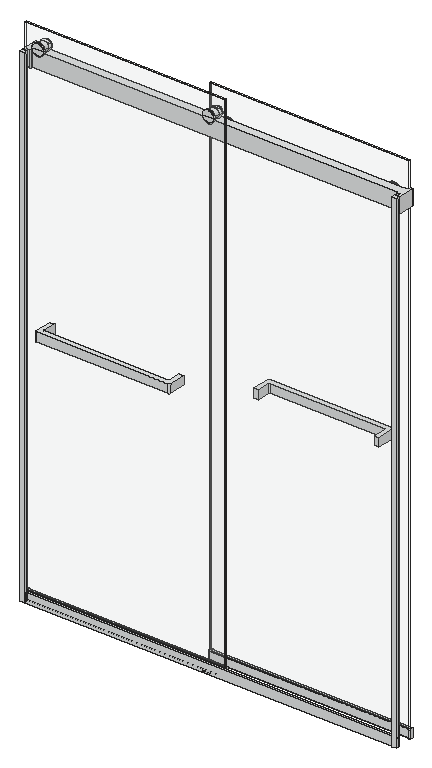
Revit family "Shower-Shower_Door-KOHLER-Levity-K-706019", category Specialty Equipment, host Face, Revit 2015 (continued)
Definition of nested family "K-706019"
  Automatic sketch dimensions
    Extrusion 23 sketch curve to Extrusion 23 sketch curve = 0.00054"
    Extrusion 23 sketch curve to Extrusion 23 sketch curve = 0.02031"
    plane 4 to Extrusion 23 sketch curve = 0.01989"
    plane 7 to Extrusion 23 sketch curve = 0.75993"
    Extrusion 23 sketch curve to Extrusion 23 sketch curve = 0.02164"
    Extrusion 23 sketch curve to Extrusion 23 sketch curve = 0.0217"
    plane 4 to Extrusion 23 sketch curve = 0.0202"
    plane 7 to Extrusion 23 sketch curve = 0.01997"
    Extrusion 23 sketch curve to Extrusion 23 sketch curve = 0.00005"
    Extrusion 23 sketch curve to Extrusion 23 sketch curve = 0.49988"
    Extrusion 23 sketch curve to Extrusion 23 sketch curve = 0.50202"
    Extrusion 23 sketch curve to Extrusion 23 sketch curve = 0.50547"
    Extrusion 24 sketch curve to Extrusion 24 sketch curve = 0.709"  (x2)
    plane 4 to Extrusion 24 sketch curve = 2.97636"  (x2)
    Extrusion 24 sketch curve to Extrusion 24 sketch curve = 2.2502"
    Extrusion 24 sketch curve to Extrusion 24 sketch curve = 0.82721"
    Extrusion 25 sketch curve to plane 4 = 0"
    plane 5 to Extrusion 25 sketch curve = 0.13991"
    plane 6 to Extrusion 25 sketch curve = 4.58533"
    plane 4 to Extrusion 25 sketch curve = 3/16"
    Extrusion 25 sketch curve to Extrusion 25 sketch curve = 0.709"  (x2)
    plane 1 "Center (Front/Back)" to Extrusion 25 sketch curve = 0.42318"
    Extrusion 25 sketch curve to plane 3 "Center (Left/Right)" = 4.95634"
    curve 108 to level = 0"
    curve 110 to plane 3 "Center (Left/Right)" = 0"
    curve 106 to level = 0"
    curve 122 to plane 3 "Center (Left/Right)" = 0.66201"
    curve 113 to plane 3 "Center (Left/Right)" = 4.27315"
    plane 6 to curve 113 = 4.59616"
    plane 6 to curve 123 = 2.52413"
    plane 6 to curve 108 = 0.73917"
    curve 111 to curve 109 = 0.14583"
    curve 111 to curve 143 = 0.09084"
    curve 143 to curve 112 = 0.20461"
    level to curve 143 = 0.60084"
    level to curve 111 = 21/32"
    curve 143 to curve 112 = 0.80154"
    curve 103 to curve 114 = 38.16721"
    curve 114 to curve 131 = 0.03817"
    curve 114 to curve 124 = 1.33683"
    curve 127 to curve 126 = 1.33683"
    curve 126 to curve 106 = 37"
    curve 113 to curve 103 = 37.03817"
    curve 105 to curve 122 = 3/4"
    curve 102 to curve 123 = 3/4"
    plane 6 to curve 102 = 0.2691"
    curve 143 to curve 109 = 0.08896"
    curve 127 to curve 128 = 5/8"
    curve 130 to curve 126 = 0.709"
    curve 105 to curve 105 = 0.20403"
    curve 105 to curve 145 = 0.05899"
    curve 144 to curve 105 = 2 1/2"
    curve 144 to curve 145 = 2 1/2"
    curve 145 to curve 109 = 4"
    plane 3 "Center (Left/Right)" to curve 111 = 1 3/4"
    plane 6 to Extrusion 26 sketch curve = 2.52413"
    Extrusion 26 sketch curve to plane 3 "Center (Left/Right)" = 0.66201"
    level to Extrusion 26 sketch curve = 78 3/4"
    Extrusion 26 sketch curve to Extrusion 26 sketch curve = 0"
    plane 3 "Center (Left/Right)" to Extrusion 27 sketch curve = 0.03819"
    plane 7 to Extrusion 27 sketch curve = 3.12941"
    level to Extrusion 27 sketch curve = 76.86704"
    Extrusion 27 sketch curve to Extrusion 27 sketch curve = 0"
    Masking region 3 sketch curve to plane 6 = 0"  (x2)
    Masking region 3 sketch curve to plane 4 = 0"  (x3)
    plane 5 to Masking region 3 sketch curve = 0"
    Masking region 3 sketch curve to plane 9 = 0"  (x6)
    Masking region 3 sketch curve to plane 7 = 0"  (x2)
    plane 6 to Masking region 3 sketch curve = 0.01985"
    plane 6 to Masking region 3 sketch curve = 0.02689"
    plane 6 to Masking region 3 sketch curve = 0.02841"
    plane 6 to Masking region 3 sketch curve = 0.02947"
    Masking region 3 sketch curve to plane 9 = 0.07028"
    Masking region 3 sketch curve to Masking region 3 sketch curve = 0.26152"
    Masking region 3 sketch curve to Masking region 3 sketch curve = 0.02907"
    Masking region 3 sketch curve to Masking region 3 sketch curve = 0.02971"
    Masking region 3 sketch curve to Masking region 3 sketch curve = 0.56068"
    Masking region 3 sketch curve to Masking region 3 sketch curve = 0.03021"
    Masking region 3 sketch curve to Masking region 3 sketch curve = 3.66657"
    Masking region 3 sketch curve to plane 5 = 1/4"  (x2)
    plane 1 "Center (Front/Back)" to Masking region 3 sketch curve = 0.12631"
    Masking region 3 sketch curve to Masking region 3 sketch curve = 0.43817"
    Masking region 3 sketch curve to Masking region 3 sketch curve = 11/64"  (x2)
    Masking region 3 sketch curve to plane 3 "Center (Left/Right)" = 5.12877"
    plane 1 "Center (Front/Back)" to Masking region 3 sketch curve = 0.12574"
    Masking region 3 sketch curve to Masking region 3 sketch curve = 0.65227"
    Masking region 3 sketch curve to plane 9 = 0.02145"
    Masking region 3 sketch curve to plane 3 "Center (Left/Right)" = 2.41167"
    Masking region 3 sketch curve to Masking region 3 sketch curve = 0.02322"
    Masking region 3 sketch curve to Masking region 3 sketch curve = 0.90952"
    plane 9 to Masking region 3 sketch curve = 0.16753"
    Masking region 3 sketch curve to Masking region 3 sketch curve = 0.57965"
    Masking region 3 sketch curve to Masking region 3 sketch curve = 0.04031"  (x4)
    Masking region 3 sketch curve to Masking region 3 sketch curve = 0.04116"  (x2)
    plane 3 "Center (Left/Right)" to Masking region 3 sketch curve = 0.93449"
    plane 9 to Masking region 3 sketch curve = 0.20784"
    Masking region 3 sketch curve to Masking region 3 sketch curve = 0.00084"
    plane 9 to Masking region 3 sketch curve = 0.04116"  (x2)
    Masking region 3 sketch curve to Masking region 3 sketch curve = 1/4"
    Masking region 3 sketch curve to Masking region 3 sketch curve = 0.459"
    plane 9 to Masking region 3 sketch curve = 1 117/128"
    plane 7 to Masking region 3 sketch curve = 5.98494"
    Masking region 3 sketch curve to Masking region 3 sketch curve = 0.17244"
    Masking region 3 sketch curve to Masking region 3 sketch curve = 0.61061"
    Masking region 3 sketch curve to Masking region 3 sketch curve = 0.68817"
    plane 9 to Masking region 3 sketch curve = 0.16363"
    Masking region 3 sketch curve to Masking region 3 sketch curve = 1.05745"
    Masking region 3 sketch curve to Masking region 3 sketch curve = 0.03725"  (x2)
    plane 9 to Masking region 3 sketch curve = 0.20394"
    Masking region 3 sketch curve to Masking region 3 sketch curve = 1.7943"
    Masking region 3 sketch curve to Masking region 3 sketch curve = 0.00306"
    Masking region 3 sketch curve to plane 9 = 0.02231"
    plane 7 to Masking region 3 sketch curve = 0.34131"
    Masking region 3 sketch curve to Masking region 3 sketch curve = 0.03103"
    plane 7 to Masking region 3 sketch curve = 0.03057"
    plane 7 to Masking region 3 sketch curve = 0.02948"
    plane 7 to Masking region 3 sketch curve = 0.02161"
    plane 4 to Masking region 3 sketch curve = 0.01985"
    Masking region 3 sketch curve to Masking region 3 sketch curve = 0.49843"
    Masking region 3 sketch curve to Masking region 3 sketch curve = 0.50436"
    Masking region 3 sketch curve to Masking region 3 sketch curve = 0.05623"
    Masking region 3 sketch curve to Masking region 3 sketch curve = 0.0514"
    Masking region 3 sketch curve to plane 9 = 0.55996"
    Masking region 3 sketch curve to Masking region 3 sketch curve = 0.15475"
    Masking region 3 sketch curve to Masking region 3 sketch curve = 0.18496"
    Masking region 3 sketch curve to plane 9 = 0.03103"
    plane 9 to Masking region 3 sketch curve = 0.03725"  (x2)
    Masking region 3 sketch curve to Masking region 3 sketch curve = 75/128"
    Masking region 3 sketch curve to Masking region 3 sketch curve = 0.00041"
    curve 160 to plane 4 = 0"
    curve 164 to plane 4 = 0"
    curve 7 to plane 9 = 0"
    curve 163 to plane 9 = 0"
    curve 19 to plane 9 = 0"
    curve 8 to plane 9 = 0"
    curve 161 to plane 4 = 0"
    plane 4 to curve 32 = 0.62031"
    plane 3 "Center (Left/Right)" to curve 32 = 1 7/8"
    curve 34 to curve 32 = 0.02227"
    curve 22 to curve 32 = 0.02232"
    plane 3 "Center (Left/Right)" to curve 68 = 0.27544"
    curve 72 to curve 67 = 0.0403"
    plane 3 "Center (Left/Right)" to curve 87 = 0.08446"
    plane 3 "Center (Left/Right)" to curve 78 = 0.08446"
    plane 3 "Center (Left/Right)" to curve 85 = 0.04154"
    plane 3 "Center (Left/Right)" to curve 91 = 0.03944"
    plane 3 "Center (Left/Right)" to curve 90 = 0.02143"
    plane 3 "Center (Left/Right)" to curve 86 = 0.01581"
    curve 73 to plane 3 "Center (Left/Right)" = 0.00201"
    curve 84 to plane 3 "Center (Left/Right)" = 0.00201"
    curve 78 to plane 3 "Center (Left/Right)" = 0.11566"
    curve 88 to plane 3 "Center (Left/Right)" = 0.15272"
    plane 10 to curve 89 = 0.31379"
    curve 89 to curve 88 = 1.0245"
    curve 74 to curve 89 = 0.03115"
    curve 82 to curve 89 = 0.14479"
    plane 10 to curve 75 = 0.0455"
    curve 75 to curve 74 = 0.11364"
    curve 81 to curve 82 = 0.02013"
    curve 79 to curve 81 = 0.00331"
    curve 91 to curve 82 = 0.04146"
    curve 79 to curve 81 = 0.04502"
    curve 76 to curve 69 = 0.08647"
    plane 4 to curve 70 = 0.39107"
    curve 70 to curve 69 = 0.23568"
    curve 65 to curve 70 = 0.04178"
    curve 1 to curve 65 = 3.35687"
    plane 4 to curve 39 = 0.55777"
    curve 42 to curve 38 = 0.0403"
    plane 10 to curve 49 = 0.12629"
    curve 49 to curve 38 = 0.19098"
    curve 58 to curve 49 = 0"
    plane 10 to curve 56 = 0.52667"
    curve 56 to curve 58 = 0.04292"
    plane 10 to curve 56 = 0.72979"
    curve 56 to curve 56 = 0.0021"
    curve 58 to curve 56 = 0.02011"
    curve 57 to curve 58 = 0.00562"
    plane 10 to curve 55 = 0.77125"
    curve 55 to curve 55 = 0.04146"
    plane 10 to curve 64 = 0.0455"
    curve 64 to curve 59 = 0.08647"
    curve 48 to curve 44 = 0.11364"
    curve 59 to curve 48 = 0.03707"
    plane 10 to curve 60 = 0.31379"
    curve 60 to curve 59 = 1.0245"
    curve 63 to curve 60 = 0.03115"
    curve 40 to curve 45 = 0.11364"
    curve 53 to curve 60 = 0.14479"
    curve 52 to curve 53 = 0.02013"
    curve 50 to curve 52 = 0.00331"
    curve 62 to curve 53 = 0.04146"
    curve 50 to curve 51 = 0.04502"
    curve 47 to curve 40 = 0.08647"
    curve 42 to curve 40 = 0.23568"
    curve 36 to curve 41 = 0.04178"
    curve 14 to plane 10 = 0.32571"
    curve 14 to curve 14 = 0.92453"
    curve 21 to curve 20 = 0.11386"
    plane 4 to curve 159 = 0.01976"
    plane 6 to curve 159 = 0.73917"
    curve 28 to curve 30 = 0.02037"
    curve 29 to curve 28 = 0"
    plane 6 to curve 27 = 0.31855"
    plane 6 to curve 22 = 0.31843"
    curve 23 to curve 24 = 0.02027"
    curve 25 to curve 25 = 0.02825"
    curve 100 to plane 10 = 0.32571"
    plane 7 to curve 100 = 0.93571"
    curve 13 to curve 15 = 0.03844"
    curve 9 to curve 10 = 0.08095"
    plane 4 to curve 35 = 0.01989"
    plane 7 to curve 35 = 0.75993"
    curve 35 to curve 18 = 0.02035"
    plane 7 to curve 16 = 0.34692"
    plane 7 to curve 4 = 0.34073"
    plane 7 to curve 11 = 0.32003"
    curve 4 to curve 3 = 0.02173"
    curve 11 to curve 17 = 0.02891"
    curve 42 to curve 37 = 0.20697"
    curve 159 to curve 159 = 0.41308"
    curve 71 to curve 67 = 0.04178"
    curve 70 to curve 65 = 0.04178"
    curve 30 to curve 29 = 0.09182"
    curve 31 to curve 162 = 0.09237"
    curve 68 to curve 68 = 0.04027"
    curve 65 to curve 66 = 0.04027"  (x2)
    curve 37 to curve 37 = 0.04027"
    curve 23 to curve 26 = 0.02466"
    curve 17 to curve 17 = 0.02817"
    curve 34 to curve 33 = 0.33041"
    curve 16 to plane 10 = 0.50678"
    curve 73 to curve 78 = 0.08079"
    curve 86 to curve 86 = 0.02511"
    curve 85 to curve 91 = 13/64"
    curve 84 to curve 84 = 0.04146"
    curve 5 to plane 9 = 0.55996"
    curve 5 to curve 10 = 0.1067"
    curve 10 to curve 2 = 0.07826"
    plane 9 to curve 97 = 0.04116"
    plane 3 "Center (Left/Right)" to curve 97 = 0.97565"
    curve 96 to curve 97 = 0"  (x2)
    curve 7 to curve 97 = 0.04116"
    curve 6 to curve 7 = 0.23384"
    curve 68 to curve 67 = 0.04027"
    curve 132 to plane 3 "Center (Left/Right)" = 0.62428"
    curve 7 to curve 132 = 0.23384"
    curve 97 to curve 7 = 0.04116"
    curve 5 to curve 82 = 0.17774"
    curve 2 to curve 5 = 0"
    curve 43 to curve 38 = 0"
    curve 39 to curve 38 = 0.04027"
    curve 36 to curve 37 = 0.04027"
    curve 41 to curve 36 = 0"
    plane 6 to curve 28 = 0.02676"
    plane 9 to curve 99 = 0.03725"
    curve 19 to curve 99 = 1.05745"
    curve 98 to curve 99 = 0"
    curve 99 to curve 8 = 0.03725"
    curve 8 to curve 9 = 1.2935"
    curve 8 to curve 98 = 0.03725"
    curve 8 to curve 99 = 0.03725"
    plane 7 to curve 18 = 0.02488"
    curve 69 to curve 94 = 0.295"
    curve 101 to plane 9 = 0.55996"
    curve 3 to plane 9 = 0.02231"
    curve 99 to curve 98 = 0.12638"
    curve 97 to curve 96 = 0.12638"
    curve 22 to curve 21 = 0.50731"
    curve 164 to curve 164 = 0.68817"
    curve 38 to curve 164 = 1.83275"
    curve 1 to plane 4 = 0"
    curve 1 to curve 1 = 0.72983"
    curve 32 to curve 163 = 3.334"
    curve 19 to curve 8 = 3.5833"
    curve 163 to curve 163 = 0.709"
    curve 19 to curve 19 = 0.68817"
    curve 116 to plane 4 = 0"
    curve 120 to plane 4 = 0"
    curve 119 to level = 0"
    curve 141 to level = 0"
    curve 139 to level = 0"
    curve 135 to level = 0"
    curve 121 to plane 9 = 0"
    curve 133 to plane 9 = 0"
    curve 115 to plane 9 = 0"
    curve 157 to plane 9 = 0"
    curve 158 to plane 9 = 0"
    curve 120 to curve 120 = 0.54499"
    plane 4 to curve 141 = 0.57258"
    curve 142 to curve 138 = 0.01887"
    curve 138 to curve 139 = 0.50113"
    curve 117 to plane 10 = 0.47571"
    curve 135 to plane 9 = 0.42161"
    curve 135 to curve 133 = 0.01934"
    curve 135 to curve 135 = 1.46869"
    level to curve 141 = 1.46915"
    curve 121 to plane 8 = 6 1/2"
    plane 4 to curve 146 = 0.39107"
    plane 4 to curve 149 = 0.43133"
    curve 119 to curve 141 = 0.02699"
    curve 149 to curve 148 = 0.12641"
    curve 117 to curve 118 = 0.05308"
    curve 148 to curve 147 = 0.04033"
    curve 147 to curve 150 = 0.37497"
    curve 146 to curve 150 = 0"
    curve 140 to curve 138 = 0.11954"
    plane 10 to curve 151 = 0.0455"
    curve 151 to curve 152 = 0.08079"
    curve 152 to curve 153 = 3/8"
    curve 153 to curve 154 = 0.2285"
    curve 137 to curve 121 = 3/8"
    curve 158 to curve 158 = 3/8"
    plane 9 to curve 156 = 0.03781"
    plane 9 to curve 156 = 0.03839"
    curve 156 to curve 155 = 0.1306"
    curve 156 to curve 155 = 0.13009"
    curve 135 to curve 134 = 0.063"
    curve 116 to curve 120 = 35.83683"
    curve 116 to curve 115 = 0"
    curve 115 to curve 115 = 1.33683"
    curve 116 to curve 116 = 1.33683"
    curve 121 to curve 155 = 0.43235"
    curve 156 to curve 155 = 0"  (x2)
    curve 156 to curve 157 = 0.03839"
    curve 157 to curve 157 = 1.79823"
    curve 157 to curve 156 = 0.03781"
    curve 117 to curve 149 = 2 1/2"
    curve 157 to curve 158 = 0.23104"
    curve 158 to curve 154 = 0.14301"
    curve 154 to curve 153 = 0.01757"
    curve 146 to curve 150 = 0.18642"
    curve 153 to curve 152 = 0.1389"
    curve 152 to curve 151 = 0.00098"
    curve 151 to curve 151 = 1.09174"
    curve 151 to curve 152 = 0"
    curve 151 to curve 150 = 0.11462"
    curve 152 to curve 153 = 0.13708"
    curve 153 to curve 154 = 0.01802"
    curve 150 to curve 147 = 0.23617"
    curve 147 to curve 148 = 0.04124"
    curve 149 to curve 148 = 0"
    radius of curve 122 = 0.93707"
    radius of curve 123 = 0.93745"
    radius of Extrusion 26 sketch curve = 3/4"  (x2)
    radius of Extrusion 27 sketch curve = 0.93746"  (x2)
Types (4): name | Type | Model | Finish
  (no name) | 1 | "K-706019-L-SHP" | Kohler-Metal-SHP-Bright_Polished_Silver
  SHP-Bright Polished Silver | 1 | "K-706019-L-SHP" | Kohler-Metal-SHP-Bright_Polished_Silver
  NX-Brushed Nickel | 2 | "K-706019-L-NX" | Kohler-Metal-NX-Brushed_Nickel
  ABV-Anodized Brushed Bronze | 3 | "K-706019-L-ABV" | Kohler-Metal-ABV-Anodized_Brushed_Bronze
